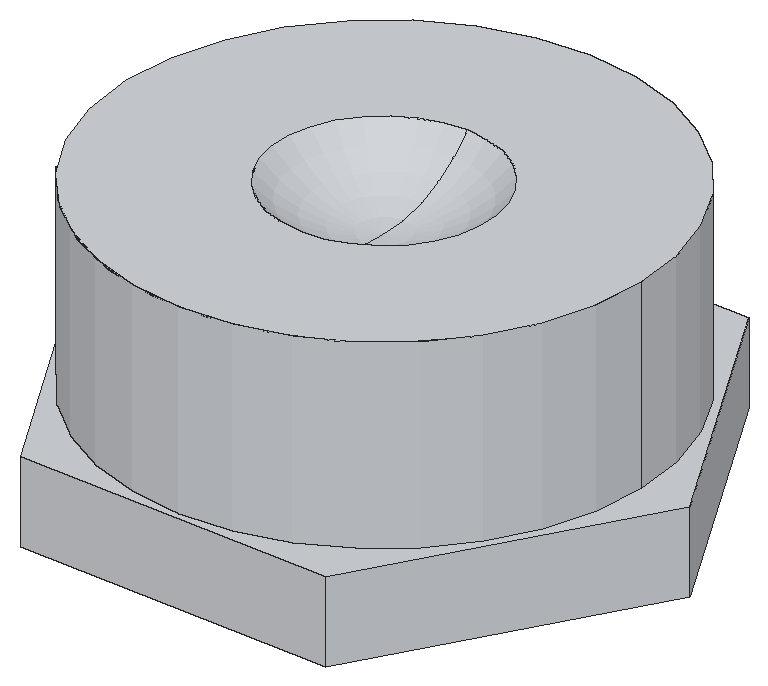
Revit family "HSP3G", category Generic Models, Revit 2017
Family settings
  Can host rebar = No
  Round Connector Dimension = Use Diameter
  Part Type = Normal
  Work Plane-Based = Yes
  Always vertical = No
  Cut with Voids When Loaded = No
  Shared = No
  Room Calculation Point = No
Parameters (values of type "NBS Standard Parameters")
  Weight = "0.1088Kg"
  WarrantyStartDate [instance] = "1900-12-31T23:59:59"
  WarrantyGuarantorParts = "n/a"
  WarrantyGuarantorLabor = "n/a"
  WarrantyDurationUnit = "1 year"
  WarrantyDurationParts = "n/a"
  WarrantyDurationLabor = "n/a"
  WarrantyDescription = "n/a"
  Version = "1"
  Uniclass2 = "Pr_65_70_11_20"
  TagNumber [instance] = "n/a"
  SustainabilityPerformance = "n/a"
  Size = "32mm"
  Shape = "Circular"
  SerialNumber [instance] = "n/a"
  Revision = "n/a"
  ReplacementCost = "n/a"
  ProductInformation = "www.metpro.co.uk/pdf/hsp3g.pdf"
  NominalWidth = 32.8 mm
  NominalLength = 32.8 mm
  NominalHeight = 18.5 mm
  Name = ""
  NBSTypeID = ""
  NBSReference = "90-55-10/460"
  NBSOfficeMasterTag = ""
  NBSNote = ""
  NBSDescription = "Conduit Fittings"
  NBSCertification = ""
  ModelReference = "HSP3G"
  ModelNumber = "n/a"
  Material = "Steel"
  ManufacturerURL = "www.metpro.co.uk"
  ManufacturerName = "Metpro Ltd"
  Keynote = "Compliant to LU Standard 1-085"
  InstallationDate [instance] = "1900-12-31T23:59:59"
  IfcExportType = ""
  IfcExportAs = ""
  Grade = "n/a"
  Finish = "BZP"
  Features = "n/a"
  ExpectedLife = "n/a"
  DurationUnit = "year"
  Description = "HSP3G  32mm Hexagonal Conduit Stopping Plug"
  Default Elevation = 1219.2 mm
  Constituents = "n/a"
  Color = "n/a"
  CodePerformance = "n/a"
  Category = "n/a"
  BarCode [instance] = "n/a"
  BIMObjectName = "Metpro_Metprolibrary_Conduitfittings_Metalcomponents_Steelaccessories"
  Author = "Metpro Limited"
  AssetType = ""
  AssetIdentifier [instance] = "n/a"
  AccessibilityPerformance = "n/a"
Reference planes
  plane 1 "Center (Front/Back)": y = 0
  plane 2: z = 0
  plane 3 "Center (Left/Right)": x = 0
Forms (mm)
  Extrusion 1, solid
    sketch origin (-67.513, 15.3, -10.3) x (-1, 0, 0) y (0, -1, 0)
      loop
        circle (0, 0) r 16
    from 0 to 11.5
  Extrusion 2, solid
    sketch origin (-67.513, 15.3, -10.3) x (-1, 0, 0) y (0, -1, 0)
      loop
        line (18.99, 0) -> (9.495, 16.446) -> (-9.495, 16.446) -> (-18.99, 0) -> (-9.495, -16.446) -> (9.495, -16.446) -> (18.99, 0)
    from -5 to 0
  Revolve 3, void
    sketch origin (-67.513, 15.3, -21.8) x (0, 0, -1) y (0, 1, 0)
      loop
        line (-20.034, 0) -> (-37.101, 0)
        arc (-37.101, 0) -> (-28.567, -8.534) -> (-20.034, 0) r 8.534
      axis (-20.034, 0) -> (-37.101, 0)
    angle from 0 to 360
Cuts and joins
  Revolve 3 cuts Extrusion 1
Dimensions and locks
  aligned and locked: level to plane 2
